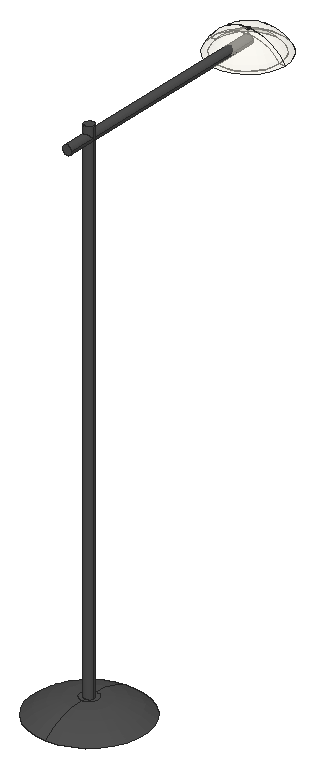
Revit family "014124d5f51146e1b7c4f9c2205bb334", category Lighting Fixtures, Revit 2021
Family settings
  Round Connector Dimension = Use Diameter
  Part Type = Normal
  OmniClass Number = 23.80.70.11.11
  OmniClass Title = General Luminaries, Non Directional
  Seek Item ID = Floor Lamp - Arm Extension-0000-USA-ENU
  Work Plane-Based = No
  Always vertical = Yes
  Cut with Voids When Loaded = No
  Light Source = Yes
  Shared = No
  Room Calculation Point = No
Parameters (values of type "150W - 277V")
  Wattage = 150 W
  built-in parameter 1150110 = 1 (stored number, unit not read)
  built-in parameter 1114217 = 1 (stored number, unit not read)
  built-in parameter 1150109 = 1 (stored number, unit not read)
  built-in parameter 1150134 = 3
  built-in parameter 1150113 = 1 (stored number, unit not read)
  Tilt Angle = 90.00°
  Photometric Web File = "FLAE1T4_B.IES"
  built-in parameter 1150115 = 1 (stored number, unit not read)
  built-in parameter 1150105 = 214.86 (stored number, unit not read)
  Load Classification = Lighting - Dwelling Unit
  built-in parameter 1150137 = 1
  built-in parameter 1150139 = (empty or 0)
  built-in parameter 1150112 = 1 (stored number, unit not read)
  built-in parameter 1150114 = 1 (stored number, unit not read)
  built-in parameter 1150132 = (empty or 0)
  built-in parameter 1150102 = (empty or 0)
  built-in parameter 1150138 = (empty or 0)
  built-in parameter 1150107 = 3200 (stored number, unit not read)
  built-in parameter 1150106 = 2.1486 (stored number, unit not read)
  built-in parameter 1150104 = 1.6723 (stored number, unit not read)
  Dimming Lamp Color Temperature Shift = <None>
  Default Elevation = 0' - 0"
  Color Filter = 16777215
  Ballast Voltage = 277 V
  Ballast Number of Poles = 1
  built-in parameter 1114218 = 1 (stored number, unit not read)
  built-in parameter 1150133 = 10 (stored number, unit not read)
  Assembly Code = "D5020230"
  Lamp = "T-4"
  Lumens = 2700 lm
  Shade = Glass, Frosted
  Stand = Steel, Chrome Plated
  Wattage Comments = "150"
  Apparent Load = 150 VA
Types (5): name | Wattage | Photometric Web File | built-in parameter 1150105 | built-in parameter 1150106 | Ballast Voltage | Lumens | Wattage Comments | Apparent Load
  (no name) | 150 W | "FLAE1T4_B.IES" | 214.86 (stored number, unit not read) | 2.1486 (stored number, unit not read) | 277 V | 2700 lm | "150" | 150 VA
  100W - 120V | 100 W | "FLAE1T4_A.IES" | 143.24 (stored number, unit not read) | 1.4324 (stored number, unit not read) | 120 V | 1800 lm | "100" | 100 VA
  100W - 277V | 100 W | "FLAE1T4_A.IES" | 143.24 (stored number, unit not read) | 1.4324 (stored number, unit not read) | 277 V | 1800 lm | "100" | 100 VA
  150W - 120V | 150 W | "FLAE1T4_B.IES" | 214.86 (stored number, unit not read) | 2.1486 (stored number, unit not read) | 120 V | 2700 lm | "150" | 150 VA
  150W - 277V | 150 W | "FLAE1T4_B.IES" | 214.86 (stored number, unit not read) | 2.1486 (stored number, unit not read) | 277 V | 2700 lm | "150" | 150 VA
Reference planes (in)
  plane 1: y = 0
  plane 2: z = 0
  plane 3 "Light Source Axis": x = 0
  plane 4 "Light Source Elevation": z = 56
  plane 5 "Light Source Axis": y = 22
  plane 6 "Base": z = 1.77052
Forms (in)
  Revolve 1, solid, material "Steel, Chrome Plated" <- "Stand"
    sketch origin (0, 0, 0) x (0, 1, 0) y (0, 0, 1)
      loop
        line (0.09713, 0) -> (6, 0)
        arc (6, 0) -> (3.65211, 1.31482) -> (1, 1.77052) r 7.94534
        line (1, 1.77052) -> (0.09713, 1.77052) -> (0.09713, 0)
      axis (0, 0) -> (0, 1.77052)
    angle from 0 to 360
  Extrusion 2, solid, material "Steel, Chrome Plated" <- "Stand"
    sketch origin (0, 0, 0) x (1, 0, 0) y (0, 1, 0)
      loop
        circle (0, 0) r 0.51385
    from 1.75741 to 58.5
  Extrusion 3, solid, material "Steel, Chrome Plated" <- "Stand"
    sketch origin (0, 0, 0) x (-1, 0, 0) y (0, 0, 1)
      loop
        circle (-0.00624, 57.25) r 0.5
    from -3 to 22
  Revolve 4, solid, material "Glass, Frosted" <- "Shade"
    sketch origin (0, 22, 0) x (-1, 0, 0) y (0, 0, 1)
      loop
        line (3.47024, 56) -> (4.09761, 56)
        arc (4.09761, 56) -> (2.51406, 57.71612) -> (0.26682, 58.35063) r 4.29681
        line (0.26682, 58.35063) -> (0.02501, 58.35063) -> (0.02501, 57.72563)
        arc (0.02501, 57.72563) -> (1.97499, 57.31676) -> (3.47024, 56) r 3.9094
      axis (-0.00624, 56) -> (-0.00624, 58.35063)
    angle from 0 to 360
Lines and regions (in)
  Masking region 1
    outline origin (0, 0, 0) x (1, 0, 0) y (0, 1, 0)
      loop
        circle (0, 22) r 4.00447
  Masking region 2
    outline origin (0, 0, 1.77052) x (-1, 0, 0) y (0, -1, 0)
      loop
        circle (0, 0) r 6
  symbolic lines
    curve 1: arc (1.00818, 0, 0) -> (0, 1.00818, 0) -> (-1.00818, 0, 0) r 1.00818
    curve 2: arc (-1.00818, 0, 0) -> (0, -1.00818, 0) -> (1.00818, 0, 0) r 1.00818
    curve 3: arc (6, 0, 1.77052) -> (0, 6, 1.77052) -> (-6, 0, 1.77052) r 6
    curve 5: line (0, -3.00518, 0) -> (0, 17.99553, 0)
    curve 6: arc (4.00447, 22, 0) -> (0, 26.00447, 0) -> (-4.00447, 22, 0) r 4.00447
    curve 7: arc (-4.00447, 22, 0) -> (0, 17.99553, 0) -> (4.00447, 22, 0) r 4.00447
  symbolic lines, style "LightingFixtures"
    curve 4: arc (-6, 0, 1.77052) -> (0, -6, 1.77052) -> (6, 0, 1.77052) r 6
Dimensions and locks (in)
  plane 1 to curve 7 = 1' - 10"
  locked: plane 4 "Light Source Elevation" to Extrusion 3 sketch curve at 1.25
  locked: Revolve 4 sketch curve to plane 4 "Light Source Elevation" at 1.94618
  locked: Revolve 4 sketch curve to plane 4 "Light Source Elevation" at 2.17869
  locked: plane 4 "Light Source Elevation" to Extrusion 2 at 2.5
  plane 2 to plane 4 "Light Source Elevation" = 4' - 8"
  aligned and locked: plane 3 "Light Source Axis" to curve 5
  aligned and locked: Masking region 1 sketch curve to curve 6
  aligned and locked: Masking region 1 sketch curve to curve 7
  aligned and locked: Masking region 2 sketch curve to curve 4
  aligned and locked: plane 3 "Light Source Axis" to imposter light
  aligned and locked: plane 5 "Light Source Axis" to imposter light
  aligned and locked: plane 4 "Light Source Elevation" to imposter light
Connectors (in)
  electrical at (0.00624, 22, 57.25), driven by "Apparent Load", driven by "Ballast Voltage", driven by "Ballast Number of Poles", driven by "Load Classification"
    settings: on Extrusion 3, index 1, voltage 277 V, apparent load 0 VA, apparent load phase1 150 VA, apparent load phase2 0 VA, apparent load phase3 0 VA, power factor 0.95, load classification "Lighting - Dwelling Unit", number of poles 1, system type 31, power factor state 1, is connector primary yes, connector utility no, sub classification motor no, connector description ""
